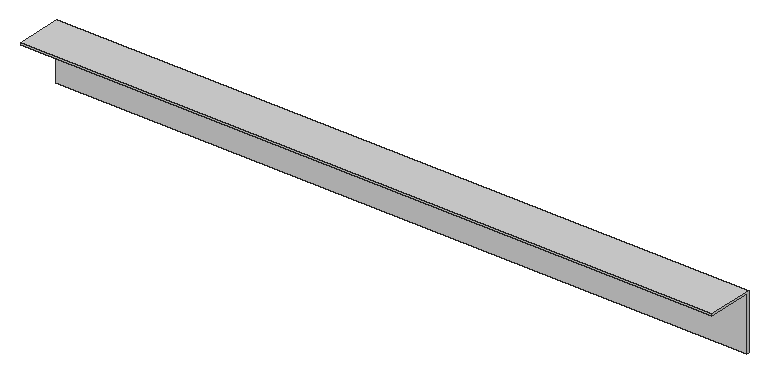
Revit family "M_Manômetro de luz-Ângulos", category Quadro estrutural, Revit 2019
Family settings
  Arredondamento do comprimento do framing estrutural = 0 mm
  Forma do corte = Não definido
  Material para o comportamento do modelo = Aço
  Exportar sempre como geometria = Não
  Número OmniClass = 23.25.30.11.14.14
  Título OmniClass = Beams
  ID de item do Seek = Light Gauge-Angles-0000-CAN-ENU
  Sempre na vertical = Sim
  Corte com vazios quando carregada = Não
  Representação simbólica = Das configurações de projeto
  Compartilhado = Não
  Exibir o pré-corte da família na vista da planta = Sim
Parameters (values of type "L75 x 90")
  t = 3 mm
  W = 0
  Structural Material [instance] = Metal - Manômetro de luz
  L2 = 90 mm
  L1 = 75 mm
  Código de montagem = "B10"
  Length [instance] = 1500 mm
  A = 0.00 mm²
Reference planes
  plane 1 "Centro (Frente/Trás)": y = 0
  plane 2: z = 0
  plane 3 "Centro (Esquerda/Direita)": x = 0.008
  plane 4 "Membro esquerdo": x = -556.99
  plane 5 "Membro direito": x = 566.21
  plane 6: z = -90
  plane 7 "Esquerda": x = -757.39
  plane 8 "Direita": x = 742.61
  plane 9: y = -75
Forms (mm)
  Sweep 1, solid, material "Metal - Manômetro de luz" <- "Structural Material", detail levels medium+fine
    path origin (0, 0, 0) x (1, 0, 0) y (0, 1, 0)
      loop
        line (566.21, 0) -> (-556.99, 0)
    profile origin (4.61, 0, 0) x (0, -1, 0) y (0, 0, 1)
      loop
        line (0, 0) -> (0, -90) -> (3, -90) -> (3, -3) -> (75, -3) -> (75, 0) -> (0, 0)
Lines and regions (mm)
  symbolic lines, style "Faces ocultas", detail levels medium+fine
    curve 1: line (-556.99, -1.587, 0) -> (566.21, -1.587, 0)
    curve 2: line (-556.99, 4.763, -3) -> (566.21, 4.763, -3)
  symbolic lines, style "Símbolos de vara", detail levels coarse
    curve 3: line (-757.39, -75, 0) -> (-757.39, 0, 0)
    curve 4: line (-757.39, 0, 0) -> (-757.39, 0, -90)
Dimensions and locks
  "Length": plane 7 "Esquerda" to plane 8 "Direita"
  "L1": plane 1 "Centro (Frente/Trás)" to plane 9
  "L2": plane 6 to level
  "t": level to Sweep 1 sketch curve
  "t": plane 1 "Centro (Frente/Trás)" to Sweep 1 sketch curve
  locked: curve 1 to plane 1 "Centro (Frente/Trás)" at 1.587
  aligned and locked: Sweep 1 sketch curve to plane 1 "Centro (Frente/Trás)"  (x2)
  aligned and locked: Sweep 1 to plane 1 "Centro (Frente/Trás)"
  aligned and locked: curve 3 to Sweep 1
  aligned and locked: plane 6 to Sweep 1 sketch curve
  aligned and locked: level to Sweep 1 sketch curve
  aligned and locked: plane 9 to Sweep 1 sketch curve  (x2)
  aligned and locked: profile plane to plane 1 "Centro (Frente/Trás)"
  aligned and locked: curve 2 to Sweep 1
  aligned and locked: plane 4 "Membro esquerdo" to Sweep 1 sketch curve
  aligned and locked: plane 5 "Membro direito" to Sweep 1 sketch curve
  aligned and locked: plane 4 "Membro esquerdo" to curve 1
  aligned and locked: plane 5 "Membro direito" to curve 1
  aligned and locked: plane 4 "Membro esquerdo" to curve 2
  aligned and locked: plane 5 "Membro direito" to curve 2
Automatic sketch dimensions
  curve 3 to plane 1 "Centro (Frente/Trás)" = 0 mm
  curve 3 to plane 9 = 0 mm
  curve 4 to plane 6 = 0 mm
Types in the file's own list only (5): name | L2 | L1
  L75 x 40 | 40 mm | 75 mm
  L90 x 90 | 90 mm | 90 mm
  L90 x 40 | 40 mm | 90 mm
  L100 x 40 | 40 mm | 100 mm
  L140 x 40 | 40 mm | 140 mm
